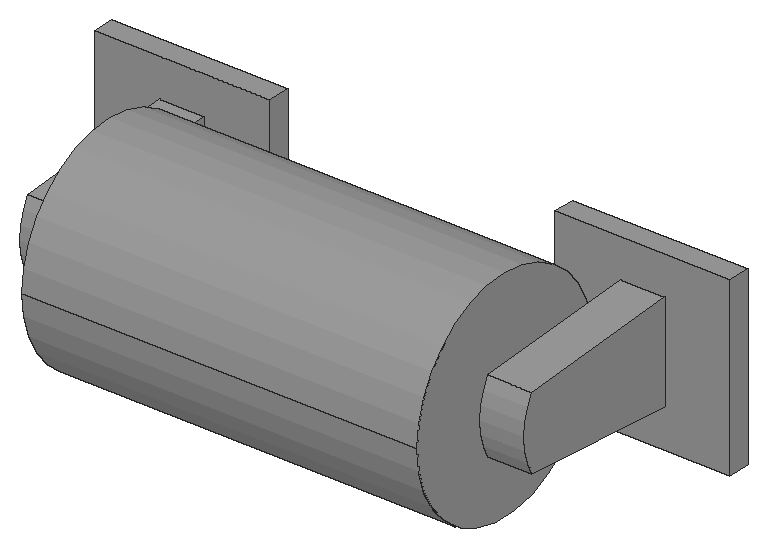
Revit family "Tissue Holder", category Generic Models, Revit 2019
Family settings
  Can host rebar = No
  Round Connector Dimension = Use Diameter
  Part Type = Normal
  Work Plane-Based = No
  Always vertical = Yes
  Cut with Voids When Loaded = No
  Shared = No
  Room Calculation Point = No
Reference planes (in)
  plane 1 "Center (Front/Back)": y = 0
  plane 2: z = 0
  plane 3 "Center (Left/Right)": x = 0
  plane 4: z = 28
Forms (in)
  Extrusion 1, solid, material "Metal- Chrome"
    sketch origin (0, 0, 0) x (1, 0, 0) y (0, 0, 1)
      loop
        line (-1, 27) -> (1, 27) -> (1, 29) -> (-1, 29) -> (-1, 27)
      loop
        line (4.25, 27) -> (6.25, 27) -> (6.25, 29) -> (4.25, 29) -> (4.25, 27)
    from 0 to 0.25
  Extrusion 2, solid, material "Metal- Chrome"
    sketch origin (0, 0, 0) x (0, 1, 0) y (0, 0, 1)
      loop
        line (-0.25, 28.5625) -> (-2.13715, 28.41733)
        arc (-2.13715, 28.41733) -> (-2.25, 28) -> (-2.13715, 27.58267) r 0.82813
        line (-2.13715, 27.58267) -> (-0.25, 27.4375) -> (-0.25, 28.5625)
    from -0.25 to 0.25
  Extrusion 3, solid, material "Metal- Chrome"
    sketch origin (0, 0, 0) x (0, 1, 0) y (0, 0, 1)
      loop
        line (-0.25, 28.5625) -> (-2.13715, 28.41733)
        arc (-2.13715, 28.41733) -> (-2.25, 28) -> (-2.13715, 27.58267) r 0.82813
        line (-2.13715, 27.58267) -> (-0.25, 27.4375) -> (-0.25, 28.5625)
    from 5.5 to 5
  Extrusion 4, solid, material "Default"
    sketch origin (0, -0.125, 0) x (0, 1, 0) y (0, 0, 1)
      loop
        circle (-1.625, 28) r 1.25
    from 0.375 to 4.875
Dimensions and locks (in)
  aligned and locked: plane 2 to level
